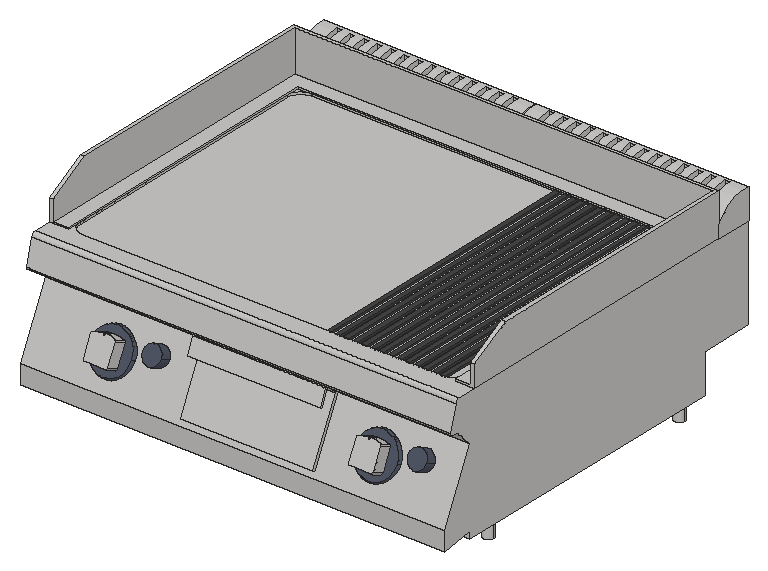
Revit family "QF_ZANUSSI_372041_Z7FTGHCP00", category Specialty Equipment, Revit 2018
Family settings
  Round Connector Dimension = Use Diameter
  Part Type = Normal
  Work Plane-Based = No
  Always vertical = Yes
  Cut with Voids When Loaded = No
  Shared = No
  Room Calculation Point = No
Parameters
  Width = 800 mm  # constant formula
  Weight in Pounds = 198  # constant formula
  Weight = 0.00 kg
  Watts = 0 W
  Volts = 0 V
  URL Manufacturer = "http://www.zanussiprofessional.com"
  URL Cutsheet = "www.electrolux.com/foodservice"
  URL = "http://www.zanussiprofessional.com"
  Type Mark [instance] = ""
  Steam Supply Size = 0"
  Steam Supply Minimum Pressure = 0.00 psi
  Steam Supply Maximum Pressure = 0.00 psi
  Steam Pounds per Hour = 0
  Status [instance] = ""
  Specification by User [instance] = ""
  Specification by Manufacturer = ""
  Show Logo [instance] = yes
  Show Clearance [instance] = yes
  Serial Number = ""
  Seismic Rating = ""
  SMACNA No = ""
  Revision Code [instance] = ""
  Refrigeration Suction Line Size = 0"
  Refrigeration Liquid Line Size = 0"
  Refrigerant Compressor Remote = yes
  Phase = 0
  Omniclass Number and Title = ""
  NAFEM Spec ID Number = ""
  Model = "Z7FTGHCP00"
  Mechanical Remarks = ""
  Mechanical Connection Type = ""
  Masterspec = ""
  Manufacturer = "Zanussi"
  Length Actual = 800 mm  # constant formula
  Item Number [instance] = "372041"
  Installed By [instance] = ""
  Identify Quantity as Lot [instance] = yes
  Hot Water Size = 0"
  Height Actual = 250 mm  # constant formula
  Height = 355 mm  # constant formula
  HP = "0 HP"
  Gas Size = 1/2"  # constant formula
  Gas RI Height [instance] = 0 mm
  Gas KW = 14  # constant formula
  Gas Input [instance] = 47726.0 Btu/h  # constant formula
  Gas Connection Height = 0 mm
  Furnished By [instance] = ""
  Foodservice Equipment Identifier [instance] = yes
  Direct Waste Size = 0"
  Description = "GAS FRYTOP-SMOOTH+RIBBED CHR.PLATE 800MM"
  Depth Actual = 700 mm  # constant formula
  Depth = 715 mm  # constant formula
  Cycle = 0 Hz
  Condensate Return Size = 0"
  Compressed Air Volume = 0 GPM
  Compressed Air Size = 0"
  Compressed Air Pressure = 0.00 psi
  Cold Water Size = 0"
  CSI MasterFormat = ""
  CSI Master Format = ""
  Base Height [instance] = 24 mm  # constant formula
  Assembly Code = ""
  Accessory = yes
Reference planes
  plane 1 "BACK": y = 0
  plane 2: z = 0
  plane 3 "LEFT": x = 0
  plane 4 "RIGHT": x = 800
  plane 5 "FRONT": y = -715
  plane 6 "TOP": z = 288.925
  plane 7 "Center Y": x = 400
  plane 8 "Center X": y = -357.5
  plane 9 "BASE": z = 24
  plane 10 "TOP A": z = 274
  plane 11: y = -597.884
  plane 12: y = -147.637
  plane 13: z = 355
  plane 14: y = -700
  plane 15 "panel": through (-6096, -715, 65.146) normal (0, 0.8956, -0.4448)
Forms (mm)
  Extrusion 1, solid, material "QF_Finishes_Stainless Steel"
    sketch origin (0, 0, 0) x (0, 1, 0) y (0, 0, 1)
      loop
        line (0, 98) -> (0, 274) -> (-679.358, 274)
        arc (-679.358, 274) -> (-684.643, 271.811) -> (-686.833, 266.526) r 7.474
        line (-686.833, 266.526) -> (-699.884, 221.011)
        arc (-699.884, 221.011) -> (-699.396, 218.379) -> (-697, 217.184) r 3
        line (-697, 217.184) -> (-686.802, 217.184) -> (-654.982, 185.364) -> (-715, 64.508) -> (-715, 29.508) -> (-658.645, 37.428)
        arc (-658.645, 37.428) -> (-656.101, 36.674) -> (-655, 34.259) r 3.2
        line (-655, 34.259) -> (-655, 24) -> (-103, 24) -> (-103, 98) -> (0, 98)
    from 0 to 800
  Extrusion 2, void
    sketch origin (0, -2.381, 274) x (-1, 0, 0) y (0, -1, 0)
      loop
        arc (-60.425, 102.504) -> (-42.464, 109.943) -> (-35.025, 127.904) r 25.4
        line (-35.025, 127.904) -> (-35.025, 617.104)
        arc (-35.025, 617.104) -> (-42.464, 635.064) -> (-60.425, 642.504) r 25.4
        line (-60.425, 642.504) -> (-739.575, 642.504)
        arc (-739.575, 642.504) -> (-757.536, 635.064) -> (-764.975, 617.104) r 25.4
        line (-764.975, 617.104) -> (-764.975, 127.904)
        arc (-764.975, 127.904) -> (-757.536, 109.943) -> (-739.575, 102.504) r 25.4
        line (-739.575, 102.504) -> (-60.425, 102.504)
    from 0 to -3.2
  Extrusion 3, solid, material "QF_Finishes_Stainless Steel"
    sketch origin (0, 0, 0) x (1, 0, 0) y (0, 1, 0)
      loop
        circle (11.112, -147.638) r 9.525
      loop
        circle (11.112, -597.884) r 9.525
      loop
        circle (788.887, -147.638) r 9.525
      loop
        circle (788.887, -597.884) r 9.525
    from 0 to 24
  Extrusion 4, solid, material "QF_Finishes_Stainless Steel"
    sketch origin (0, -101.6, 101.6) x (0, 0, -1) y (-1, 0, 0)
      loop
        circle (43.694, -749.2) r 6.35
    from -1.4 to 3.175
  Extrusion 5, solid, material "QF_Finishes_Clearance", visible <- "Show Clearance", detail levels coarse
    sketch origin (0, 0, 0) x (1, 0, 0) y (0, 1, 0)
      loop
        line (0, -715) -> (0, 0) -> (800, 0) -> (800, -715) -> (950.019, -715) -> (950.019, 150.019) -> (-150.019, 150.019) -> (-150.019, -715) -> (0, -715)
    from 0 to 355
  Sweep 6, solid, material "QF_Finishes_Stainless Steel"
    path origin (0, -2.381, 274) x (-1, 0, 0) y (0, -1, 0)
      loop
        line (-764.975, 642.504) -> (-764.975, 102.504) -> (-35.025, 102.504) -> (-35.025, 642.504)
    profile origin (35.025, -374.885, 274) x (1, 0, 0) y (0, 0, 1)
      loop
        line (-35.025, 0) -> (0, 0) -> (0, 3.175) -> (-28.675, 3.175) -> (-28.675, 81) -> (-35.025, 81) -> (-35.025, 0)
  Extrusion 7, void
    sketch origin (0, -69.86, 274) x (0, 1, 0) y (0, 0, 1)
      loop
        line (-575.025, 41.119) -> (-501.995, 81) -> (-575.025, 81) -> (-575.025, 41.119)
    from 0 to 6.35
  Extrusion 8, void
    sketch origin (800, -644.885, 274) x (0, -1, 0) y (0, 0, 1)
      loop
        line (0, 41.119) -> (0, 81) -> (-73.03, 81) -> (0, 41.119)
    from 0 to 6.35
  Extrusion 9, solid, material "QF_Finishes_Stainless Steel"
    sketch origin (0, 0, 0) x (0, 1, 0) y (0, 0, 1)
      loop
        line (0, 274) -> (0, 331.492)
        arc (0, 331.492) -> (-38.8, 324.37) -> (-69.85, 300.038) r 82.447
        line (-69.85, 300.038) -> (-69.85, 274) -> (0, 274)
    from 0 to 400.05
  Extrusion 10, void
    sketch origin (0, 0, 274.638) x (0, -1, 0) y (1, 0, 0)
      loop
        line (6.761, 29.703) -> (63.911, 29.703) -> (63.911, 38.999) -> (6.761, 38.999) -> (6.761, 29.703)
      loop
        line (63.911, 64.487) -> (6.761, 64.487) -> (6.761, 55.191) -> (63.911, 55.191) -> (63.911, 64.487)
      loop
        line (63.911, 89.975) -> (6.761, 89.975) -> (6.761, 80.68) -> (63.911, 80.68) -> (63.911, 89.975)
      loop
        line (63.911, 115.464) -> (6.761, 115.464) -> (6.761, 106.168) -> (63.911, 106.168) -> (63.911, 115.464)
      loop
        line (63.911, 140.952) -> (6.761, 140.952) -> (6.761, 131.656) -> (63.911, 131.656) -> (63.911, 140.952)
      loop
        line (63.911, 166.44) -> (6.761, 166.44) -> (6.761, 157.145) -> (63.911, 157.145) -> (63.911, 166.44)
      loop
        line (63.911, 191.929) -> (6.761, 191.929) -> (6.761, 182.633) -> (63.911, 182.633) -> (63.911, 191.929)
      loop
        line (63.911, 217.417) -> (6.761, 217.417) -> (6.761, 208.121) -> (63.911, 208.121) -> (63.911, 217.417)
      loop
        line (63.911, 242.905) -> (6.761, 242.905) -> (6.761, 233.61) -> (63.911, 233.61) -> (63.911, 242.905)
      loop
        line (63.911, 268.394) -> (6.761, 268.394) -> (6.761, 259.098) -> (63.911, 259.098) -> (63.911, 268.394)
      loop
        line (63.911, 293.882) -> (6.761, 293.882) -> (6.761, 284.586) -> (63.911, 284.586) -> (63.911, 293.882)
      loop
        line (63.911, 319.37) -> (6.761, 319.37) -> (6.761, 310.075) -> (63.911, 310.075) -> (63.911, 319.37)
      loop
        line (63.911, 344.859) -> (6.761, 344.859) -> (6.761, 335.563) -> (63.911, 335.563) -> (63.911, 344.859)
      loop
        line (63.911, 370.347) -> (6.761, 370.347) -> (6.761, 361.051) -> (63.911, 361.051) -> (63.911, 370.347)
    from 25.4 to 63.5
  Extrusion 11, solid, material "QF_Finishes_Stainless Steel"
    sketch origin (400.05, 0, 0) x (0, 1, 0) y (0, 0, 1)
      loop
        line (0, 274) -> (0, 331.492)
        arc (0, 331.492) -> (-38.8, 324.37) -> (-69.85, 300.038) r 82.447
        line (-69.85, 300.038) -> (-69.85, 274) -> (0, 274)
    from 0 to 400.05
  Extrusion 12, void
    sketch origin (400.05, 0, 274.638) x (0, -1, 0) y (1, 0, 0)
      loop
        line (6.761, 29.653) -> (63.911, 29.653) -> (63.911, 38.949) -> (6.761, 38.949) -> (6.761, 29.653)
      loop
        line (63.911, 64.437) -> (6.761, 64.437) -> (6.761, 55.141) -> (63.911, 55.141) -> (63.911, 64.437)
      loop
        line (63.911, 89.925) -> (6.761, 89.925) -> (6.761, 80.63) -> (63.911, 80.63) -> (63.911, 89.925)
      loop
        line (63.911, 115.414) -> (6.761, 115.414) -> (6.761, 106.118) -> (63.911, 106.118) -> (63.911, 115.414)
      loop
        line (63.911, 140.902) -> (6.761, 140.902) -> (6.761, 131.606) -> (63.911, 131.606) -> (63.911, 140.902)
      loop
        line (63.911, 166.39) -> (6.761, 166.39) -> (6.761, 157.095) -> (63.911, 157.095) -> (63.911, 166.39)
      loop
        line (63.911, 191.879) -> (6.761, 191.879) -> (6.761, 182.583) -> (63.911, 182.583) -> (63.911, 191.879)
      loop
        line (63.911, 217.367) -> (6.761, 217.367) -> (6.761, 208.071) -> (63.911, 208.071) -> (63.911, 217.367)
      loop
        line (63.911, 242.855) -> (6.761, 242.855) -> (6.761, 233.56) -> (63.911, 233.56) -> (63.911, 242.855)
      loop
        line (63.911, 268.344) -> (6.761, 268.344) -> (6.761, 259.048) -> (63.911, 259.048) -> (63.911, 268.344)
      loop
        line (63.911, 293.832) -> (6.761, 293.832) -> (6.761, 284.536) -> (63.911, 284.536) -> (63.911, 293.832)
      loop
        line (63.911, 319.32) -> (6.761, 319.32) -> (6.761, 310.025) -> (63.911, 310.025) -> (63.911, 319.32)
      loop
        line (63.911, 344.809) -> (6.761, 344.809) -> (6.761, 335.513) -> (63.911, 335.513) -> (63.911, 344.809)
      loop
        line (63.911, 370.297) -> (6.761, 370.297) -> (6.761, 361.001) -> (63.911, 361.001) -> (63.911, 370.297)
    from 25.4 to 63.5
  Extrusion 13, solid, material "QF_Finishes_Stainless Steel"
    sketch origin (400, 0, 0) x (0, 1, 0) y (0, 0, 1)
      loop
        line (-655.161, 185.641) -> (-674.299, 204.778)
        arc (-674.299, 204.778) -> (-678.766, 206.181) -> (-682.47, 203.316) r 5.058
        line (-682.47, 203.316) -> (-695.132, 175.806) -> (-692.248, 174.479) -> (-679.586, 201.989)
        arc (-679.586, 201.989) -> (-678.207, 203.055) -> (-676.544, 202.533) r 1.883
        line (-676.544, 202.533) -> (-659.038, 185.028) -> (-712.559, 77.256) -> (-709.651, 75.918) -> (-655.161, 185.641)
    from -100 to 150
  Extrusion 14, solid, material "QF_Finishes_Drawer Clearance", visible <- "Show Clearance", detail levels coarse
    sketch origin (400, 0, 0) x (0, 1, 0) y (0, 0, 1)
      loop
        line (-778.814, 75.918) -> (-709.651, 75.918) -> (-655.161, 185.641) -> (-674.299, 204.778)
        arc (-674.299, 204.778) -> (-676.36, 206.027) -> (-678.766, 206.181) r 5.058
        line (-678.766, 206.181) -> (-747.93, 206.181)
        arc (-747.93, 206.181) -> (-750.133, 205.203) -> (-751.634, 203.316) r 5.058
        line (-751.634, 203.316) -> (-764.296, 175.806) -> (-761.412, 174.479) -> (-748.75, 201.989)
        arc (-748.75, 201.989) -> (-747.371, 203.055) -> (-745.708, 202.533) r 1.883
        line (-745.708, 202.533) -> (-728.202, 185.028) -> (-781.723, 77.256) -> (-778.814, 75.918)
    from -100 to 150
  Extrusion 15, solid, material "QF_Plastic-Black-Matte"
    sketch origin (592.6, -684.991, 125.574) x (0, 0.444781, 0.895639) y (0, 0.895639, -0.444781)
      loop
        line (26.984, -34) -> (23.984, -34) -> (23.984, -35) -> (26.984, -35)
        arc (26.984, -35) -> (27.691, -34.707) -> (27.984, -34) r 1
        line (27.984, -34) -> (27.984, -19) -> (26.984, -19) -> (26.984, -34)
    from -58.5 to -56.5
  Extrusion 16, solid, material "QF_Finishes_Stainless Steel"
    sketch origin (650.1, -684.991, 125.574) x (-1, 0, 0) y (0, -0.444781, -0.895639)
      loop
        line (17.6, -17.5) -> (17.6, 17.5) -> (-17.4, 17.5) -> (-17.4, -17.5) -> (17.6, -17.5)
    from 5 to 10
  Blend 17, solid, material "QF_Finishes_Navy Blue"
    base sketch origin (650.1, -684.991, 125.574) x (1, 0, 0) y (0, 0.444781, 0.895639)
      loop
        circle (-0.1, 0) r 42.5
    top sketch origin (650.1, -684.991, 125.574) x (1, 0, 0) y (0, 0.444781, 0.895639)
      loop
        circle (-0.1, 0) r 40.5
    from 0 to 5
  Extrusion 18, solid, material "QF_Finishes_Stainless Steel"
    sketch origin (650.1, -684.991, 125.574) x (-1, 0, 0) y (0, -0.444781, -0.895639)
      loop
        arc (-21.047, -22.789) -> (0.1, -26.984) -> (21.247, -22.789) r 55.4
        arc (21.247, -22.789) -> (22.594, -21.685) -> (23.1, -20.019) r 2.997
        line (23.1, -20.019) -> (23.1, 20.019)
        arc (23.1, 20.019) -> (22.222, 22.138) -> (20.103, 23.016) r 2.997
        line (20.103, 23.016) -> (-19.903, 23.016)
        arc (-19.903, 23.016) -> (-22.022, 22.138) -> (-22.9, 20.019) r 2.997
        line (-22.9, 20.019) -> (-22.9, -20.019)
        arc (-22.9, -20.019) -> (-22.394, -21.685) -> (-21.047, -22.789) r 2.997
    from 10 to 34
  Extrusion 19, solid, material "QF_Finishes_Navy Blue"
    sketch origin (789.101, -676.095, 143.486) x (1, 0, 0) y (0, 0.444781, 0.895639)
      loop
        circle (-55.101, 0) r 18
    from 3 to 23
  Extrusion 20, solid, material "QF_Finishes_Stainless Steel"
    sketch origin (650.1, -676.095, 143.486) x (1, 0, 0) y (0, 0.444781, 0.895639)
      loop
        circle (83.9, 0) r 15
    from 3 to 0
  Extrusion 21, solid, material "QF_Plastic-Black-Matte"
    sketch origin (92.5, -684.991, 125.574) x (0, 0.444781, 0.895639) y (0, 0.895639, -0.444781)
      loop
        line (26.984, -34) -> (23.984, -34) -> (23.984, -35) -> (26.984, -35)
        arc (26.984, -35) -> (27.691, -34.707) -> (27.984, -34) r 1
        line (27.984, -34) -> (27.984, -19) -> (26.984, -19) -> (26.984, -34)
    from -58.5 to -56.5
  Extrusion 22, solid, material "QF_Finishes_Stainless Steel"
    sketch origin (150, -684.991, 125.574) x (-1, 0, 0) y (0, -0.444781, -0.895639)
      loop
        line (17.5, -17.5) -> (17.5, 17.5) -> (-17.5, 17.5) -> (-17.5, -17.5) -> (17.5, -17.5)
    from 5 to 10
  Blend 23, solid, material "QF_Finishes_Navy Blue"
    base sketch origin (150, -684.991, 125.574) x (1, 0, 0) y (0, 0.444781, 0.895639)
      loop
        circle (0, 0) r 42.5
    top sketch origin (150, -684.991, 125.574) x (1, 0, 0) y (0, 0.444781, 0.895639)
      loop
        circle (0, 0) r 40.5
    from 0 to 5
  Extrusion 24, solid, material "QF_Finishes_Stainless Steel"
    sketch origin (150, -684.991, 125.574) x (-1, 0, 0) y (0, -0.444781, -0.895639)
      loop
        arc (-21.147, -22.789) -> (0, -26.984) -> (21.147, -22.789) r 55.4
        arc (21.147, -22.789) -> (22.494, -21.685) -> (23, -20.019) r 2.997
        line (23, -20.019) -> (23, 20.019)
        arc (23, 20.019) -> (22.122, 22.138) -> (20.003, 23.016) r 2.997
        line (20.003, 23.016) -> (-20.003, 23.016)
        arc (-20.003, 23.016) -> (-22.122, 22.138) -> (-23, 20.019) r 2.997
        line (-23, 20.019) -> (-23, -20.019)
        arc (-23, -20.019) -> (-22.494, -21.685) -> (-21.147, -22.789) r 2.997
    from 10 to 34
  Extrusion 25, solid, material "QF_Finishes_Navy Blue"
    sketch origin (289.001, -676.095, 143.486) x (1, 0, 0) y (0, 0.444781, 0.895639)
      loop
        circle (-55.051, 0) r 18
    from 3 to 23
  Extrusion 26, solid, material "QF_Finishes_Stainless Steel"
    sketch origin (150, -676.095, 143.486) x (1, 0, 0) y (0, 0.444781, 0.895639)
      loop
        circle (83.95, 0) r 15
    from 3 to 0
  Extrusion 27, solid, material "QF_Finishes_Black"
    sketch origin (-552.176, -715, 0) x (1, 0, 0) y (0, 0, 1)
      loop
        line (1082.583, 274) -> (1073.583, 274) -> (1073.583, 270.8) -> (1082.583, 270.8) -> (1082.583, 274)
    from -610.115 to -70.115
  Extrusion 28, solid, material "QF_Finishes_Black"
    sketch origin (-552.176, -715, 0) x (1, 0, 0) y (0, 0, 1)
      loop
        line (1099.083, 274) -> (1090.083, 274) -> (1090.083, 270.8) -> (1099.083, 270.8) -> (1099.083, 274)
    from -610.115 to -70.115
  Extrusion 29, solid, material "QF_Finishes_Black"
    sketch origin (-552.176, -715, 0) x (1, 0, 0) y (0, 0, 1)
      loop
        line (1115.583, 274) -> (1106.583, 274) -> (1106.583, 270.8) -> (1115.583, 270.8) -> (1115.583, 274)
    from -610.115 to -70.115
  Extrusion 30, solid, material "QF_Finishes_Black"
    sketch origin (-552.176, -715, 0) x (1, 0, 0) y (0, 0, 1)
      loop
        line (1132.083, 274) -> (1123.083, 274) -> (1123.083, 270.8) -> (1132.083, 270.8) -> (1132.083, 274)
    from -610.115 to -70.115
  Extrusion 31, solid, material "QF_Finishes_Black"
    sketch origin (-552.176, -715, 0) x (1, 0, 0) y (0, 0, 1)
      loop
        line (1148.583, 274) -> (1139.583, 274) -> (1139.583, 270.8) -> (1148.583, 270.8) -> (1148.583, 274)
    from -610.115 to -70.115
  Extrusion 32, solid, material "QF_Finishes_Black"
    sketch origin (-552.176, -715, 0) x (1, 0, 0) y (0, 0, 1)
      loop
        line (1165.083, 274) -> (1156.083, 274) -> (1156.083, 270.8) -> (1165.083, 270.8) -> (1165.083, 274)
    from -610.115 to -70.115
  Extrusion 33, solid, material "QF_Finishes_Black"
    sketch origin (-552.176, -715, 0) x (1, 0, 0) y (0, 0, 1)
      loop
        line (1181.583, 274) -> (1172.583, 274) -> (1172.583, 270.8) -> (1181.583, 270.8) -> (1181.583, 274)
    from -610.115 to -70.115
  Extrusion 34, solid, material "QF_Finishes_Black"
    sketch origin (-552.176, -715, 0) x (1, 0, 0) y (0, 0, 1)
      loop
        line (1198.083, 274) -> (1189.083, 274) -> (1189.083, 270.8) -> (1198.083, 270.8) -> (1198.083, 274)
    from -610.115 to -70.115
  Extrusion 35, solid, material "QF_Finishes_Black"
    sketch origin (-552.176, -715, 0) x (1, 0, 0) y (0, 0, 1)
      loop
        line (1214.583, 274) -> (1205.583, 274) -> (1205.583, 270.8) -> (1214.583, 270.8) -> (1214.583, 274)
    from -610.115 to -70.115
  Extrusion 36, solid, material "QF_Finishes_Black"
    sketch origin (-552.176, -715, 0) x (1, 0, 0) y (0, 0, 1)
      loop
        line (1231.083, 274) -> (1222.083, 274) -> (1222.083, 270.8) -> (1231.083, 270.8) -> (1231.083, 274)
    from -610.115 to -70.115
  Extrusion 37, solid, material "QF_Finishes_Black"
    sketch origin (-552.176, -715, 0) x (1, 0, 0) y (0, 0, 1)
      loop
        line (1247.583, 274) -> (1238.583, 274) -> (1238.583, 270.8) -> (1247.583, 270.8) -> (1247.583, 274)
    from -610.115 to -70.115
  Extrusion 38, solid, material "QF_Finishes_Black"
    sketch origin (-552.176, -715, 0) x (1, 0, 0) y (0, 0, 1)
      loop
        line (1264.083, 274) -> (1255.083, 274) -> (1255.083, 270.8) -> (1264.083, 270.8) -> (1264.083, 274)
    from -610.115 to -70.115
  Extrusion 39, solid, material "QF_Finishes_Black"
    sketch origin (-552.176, -715, 0) x (1, 0, 0) y (0, 0, 1)
      loop
        line (1280.583, 274) -> (1271.583, 274) -> (1271.583, 270.8) -> (1280.583, 270.8) -> (1280.583, 274)
    from -610.115 to -70.115
  Extrusion 40, solid, material "QF_Finishes_Black"
    sketch origin (-552.176, -715, 0) x (1, 0, 0) y (0, 0, 1)
      loop
        line (1297.083, 274) -> (1288.083, 274) -> (1288.083, 270.8) -> (1297.083, 270.8) -> (1297.083, 274)
    from -610.115 to -70.115
Cuts and joins
  Extrusion 2 cuts Extrusion 1
  Extrusion 7, Extrusion 8 cuts Sweep 6
  Extrusion 10 cuts Extrusion 9
  Extrusion 12 cuts Extrusion 11
Lines and regions (mm)
  Split face 1
    outline origin (656.001, -689.469, 127.797) x (1, 0, 0) y (0, 0.444781, 0.895639)
      loop
        line (-8.901, 38.561) -> (-8.901, 28.561) -> (-2.901, 28.561) -> (-2.901, 38.561) -> (-8.901, 38.561)
  Split face 2
    outline origin (656.001, -689.469, 127.797) x (1, 0, 0) y (0, 0.444781, 0.895639)
      loop
        line (-8.401, 38.061) -> (-8.401, 29.061) -> (-3.401, 29.061) -> (-3.401, 38.061) -> (-8.401, 38.061)
  Split face 3
    outline origin (656.001, -689.469, 127.797) x (1, 0, 0) y (0, 0.444781, 0.895639)
      loop
        line (-8.401, 33.561) -> (-3.401, 33.561)
  Split face 4
    outline origin (656.001, -689.469, 127.797) x (1, 0, 0) y (0, 0.444781, 0.895639)
      loop
        line (-8.401, 33.061) -> (-3.401, 33.061)
  Split face 5
    outline origin (656.001, -689.469, 127.797) x (1, 0, 0) y (0, 0.444781, 0.895639)
      loop
        circle (-5.901, 35.811) r 2.031
  Split face 6
    outline origin (650.1, -689.469, 127.797) x (1, 0, 0) y (0, 0.444781, 0.895639)
      loop
        circle (-24.487, 26.694) r 3.497
  Split face 7
    outline origin (650.1, -689.469, 127.797) x (1, 0, 0) y (0, 0.444781, 0.895639)
      loop
        circle (-33, 0) r 3
  Split face 8
    outline origin (650.1, -689.469, 127.797) x (1, 0, 0) y (0, 0.444781, 0.895639)
      loop
        circle (-17.8, -29.371) r 1.5
  Split face 9
    outline origin (155.901, -689.469, 127.797) x (1, 0, 0) y (0, 0.444781, 0.895639)
      loop
        line (-8.901, 38.561) -> (-8.901, 28.561) -> (-2.901, 28.561) -> (-2.901, 38.561) -> (-8.901, 38.561)
  Split face 10
    outline origin (155.901, -689.469, 127.797) x (1, 0, 0) y (0, 0.444781, 0.895639)
      loop
        line (-8.401, 38.061) -> (-8.401, 29.061) -> (-3.401, 29.061) -> (-3.401, 38.061) -> (-8.401, 38.061)
  Split face 11
    outline origin (155.901, -689.469, 127.797) x (1, 0, 0) y (0, 0.444781, 0.895639)
      loop
        line (-8.401, 33.561) -> (-3.401, 33.561)
  Split face 12
    outline origin (155.901, -689.469, 127.797) x (1, 0, 0) y (0, 0.444781, 0.895639)
      loop
        line (-8.401, 33.061) -> (-3.401, 33.061)
  Split face 13
    outline origin (155.901, -689.469, 127.797) x (1, 0, 0) y (0, 0.444781, 0.895639)
      loop
        circle (-5.901, 35.811) r 2.031
  Split face 14
    outline origin (150, -689.469, 127.797) x (1, 0, 0) y (0, 0.444781, 0.895639)
      loop
        circle (-24.487, 26.694) r 3.497
  Split face 15
    outline origin (150, -689.469, 127.797) x (1, 0, 0) y (0, 0.444781, 0.895639)
      loop
        circle (-33, 0) r 3
  Split face 16
    outline origin (150, -689.469, 127.797) x (1, 0, 0) y (0, 0.444781, 0.895639)
      loop
        circle (-17.8, -29.371) r 1.5
  symbolic lines, style "QF-Clearances", visible <- "Show Clearance", detail levels coarse
    curve 1: line (-150.019, 150.019, 274) -> (-150.019, -715, 274)
    curve 2: line (950.019, 150.019, 274) -> (-150.019, 150.019, 274)
    curve 3: line (950.019, -716.377, 274) -> (950.019, 150.019, 274)
  symbolic lines
    curve 4: line (0, 0, 274) -> (800, 0, 274)
    curve 5: line (0, -715, 274) -> (0, 0, 274)
    curve 6: line (800, 0, 274) -> (800, -715, 274)
    curve 7: line (35.025, -104.885, 274) -> (35.025, -644.885, 274)
    curve 8: arc (35.025, -619.485, 274) -> (42.464, -637.445, 274) -> (60.425, -644.885, 274) r 25.4
    curve 9: line (0, -644.885, 274) -> (35.025, -644.885, 274)
    curve 10: arc (739.215, -644.885, 274) -> (757.736, -637.213, 274) -> (765.407, -618.692, 274) r 26.193
    curve 11: line (765.407, -644.885, 274) -> (765.407, -104.885, 274)
    curve 12: line (765.407, -104.885, 274) -> (35.025, -104.885, 274)
    curve 13: line (0, -69.85, 274) -> (800, -69.85, 274)
    curve 14: arc (64.125, -104.885, 274) -> (43.548, -113.408, 274) -> (35.025, -133.985, 274) r 29.1
    curve 15: arc (739.863, -104.885, 274) -> (757.926, -112.367, 274) -> (765.407, -130.429, 274) r 25.544
    curve 16: line (6.35, -76.21, 274) -> (6.35, -644.885, 274)
    curve 17: line (6.35, -76.21, 274) -> (793.65, -76.21, 274)
    curve 18: line (793.65, -76.21, 274) -> (793.65, -644.885, 274)
    curve 19: line (765.407, -644.885, 274) -> (800, -644.885, 274)
    curve 20: line (60.425, -644.885, 274) -> (739.215, -644.885, 274)
    curve 24: line (0, 0, 274.638) -> (800, 0, 274.638)
    curve 25: line (0, -69.85, 274.638) -> (800, -69.85, 274.638)
    curve 26: line (29.703, -6.761, 0) -> (38.999, -6.761, 0)
    curve 27: line (29.703, -63.911, 0) -> (29.703, -6.761, 0)
    curve 28: line (38.999, -63.911, 0) -> (29.703, -63.911, 0)
    curve 29: line (38.999, -6.761, 0) -> (38.999, -63.911, 0)
    curve 30: line (55.191, -6.761, 0) -> (64.487, -6.761, 0)
    curve 31: line (55.191, -63.911, 0) -> (55.191, -6.761, 0)
    curve 32: line (64.487, -63.911, 0) -> (55.191, -63.911, 0)
    curve 33: line (64.487, -6.761, 0) -> (64.487, -63.911, 0)
    curve 34: line (80.68, -6.761, 0) -> (89.975, -6.761, 0)
    curve 35: line (80.68, -63.911, 0) -> (80.68, -6.761, 0)
    curve 36: line (89.975, -63.911, 0) -> (80.68, -63.911, 0)
    curve 37: line (89.975, -6.761, 0) -> (89.975, -63.911, 0)
    curve 38: line (106.168, -6.761, 0) -> (115.464, -6.761, 0)
    curve 39: line (106.168, -63.911, 0) -> (106.168, -6.761, 0)
    curve 40: line (115.464, -63.911, 0) -> (106.168, -63.911, 0)
    curve 41: line (115.464, -6.761, 0) -> (115.464, -63.911, 0)
    curve 42: line (131.656, -6.761, 0) -> (140.952, -6.761, 0)
    curve 43: line (131.656, -63.911, 0) -> (131.656, -6.761, 0)
    curve 44: line (140.952, -63.911, 0) -> (131.656, -63.911, 0)
    curve 45: line (140.952, -6.761, 0) -> (140.952, -63.911, 0)
    curve 46: line (157.145, -6.761, 0) -> (166.44, -6.761, 0)
    curve 47: line (157.145, -63.911, 0) -> (157.145, -6.761, 0)
    curve 48: line (166.44, -63.911, 0) -> (157.145, -63.911, 0)
    curve 49: line (166.44, -6.761, 0) -> (166.44, -63.911, 0)
    curve 50: line (182.633, -6.761, 0) -> (191.929, -6.761, 0)
    curve 51: line (182.633, -63.911, 0) -> (182.633, -6.761, 0)
    curve 52: line (191.929, -63.911, 0) -> (182.633, -63.911, 0)
    curve 53: line (191.929, -6.761, 0) -> (191.929, -63.911, 0)
    curve 54: line (208.121, -6.761, 0) -> (217.417, -6.761, 0)
    curve 55: line (208.121, -63.911, 0) -> (208.121, -6.761, 0)
    curve 56: line (217.417, -63.911, 0) -> (208.121, -63.911, 0)
    curve 57: line (217.417, -6.761, 0) -> (217.417, -63.911, 0)
    curve 58: line (233.61, -6.761, 0) -> (242.905, -6.761, 0)
    curve 59: line (233.61, -63.911, 0) -> (233.61, -6.761, 0)
    curve 60: line (242.905, -63.911, 0) -> (233.61, -63.911, 0)
    curve 61: line (242.905, -6.761, 0) -> (242.905, -63.911, 0)
    curve 62: line (259.098, -6.761, 0) -> (268.394, -6.761, 0)
    curve 63: line (259.098, -63.911, 0) -> (259.098, -6.761, 0)
    curve 64: line (268.394, -63.911, 0) -> (259.098, -63.911, 0)
    curve 65: line (268.394, -6.761, 0) -> (268.394, -63.911, 0)
    curve 66: line (284.586, -6.761, 0) -> (293.882, -6.761, 0)
    curve 67: line (284.586, -63.911, 0) -> (284.586, -6.761, 0)
    curve 68: line (293.882, -63.911, 0) -> (284.586, -63.911, 0)
    curve 69: line (293.882, -6.761, 0) -> (293.882, -63.911, 0)
    curve 70: line (310.075, -6.761, 0) -> (319.37, -6.761, 0)
    curve 71: line (310.075, -63.911, 0) -> (310.075, -6.761, 0)
    curve 72: line (319.37, -63.911, 0) -> (310.075, -63.911, 0)
    curve 73: line (319.37, -6.761, 0) -> (319.37, -63.911, 0)
    curve 74: line (335.563, -6.761, 0) -> (344.859, -6.761, 0)
    curve 75: line (335.563, -63.911, 0) -> (335.563, -6.761, 0)
    curve 76: line (344.859, -63.911, 0) -> (335.563, -63.911, 0)
    curve 77: line (344.859, -6.761, 0) -> (344.859, -63.911, 0)
    curve 78: line (361.051, -6.761, 0) -> (370.347, -6.761, 0)
    curve 79: line (361.051, -63.911, 0) -> (361.051, -6.761, 0)
    curve 80: line (370.347, -63.911, 0) -> (361.051, -63.911, 0)
    curve 81: line (370.347, -6.761, 0) -> (370.347, -63.911, 0)
    curve 82: line (400, 0, 0) -> (400, -69.85, 0)
    curve 83: line (770.347, -6.761, 0) -> (761.051, -6.761, 0)
    curve 84: line (770.347, -63.911, 0) -> (770.347, -6.761, 0)
    curve 85: line (761.051, -63.911, 0) -> (770.347, -63.911, 0)
    curve 86: line (761.051, -6.761, 0) -> (761.051, -63.911, 0)
    curve 87: line (744.859, -6.761, 0) -> (735.563, -6.761, 0)
    curve 88: line (744.859, -63.911, 0) -> (744.859, -6.761, 0)
    curve 89: line (735.563, -63.911, 0) -> (744.859, -63.911, 0)
    curve 90: line (735.563, -6.761, 0) -> (735.563, -63.911, 0)
    curve 91: line (719.37, -6.761, 0) -> (710.075, -6.761, 0)
    curve 92: line (719.37, -63.911, 0) -> (719.37, -6.761, 0)
    curve 93: line (710.075, -63.911, 0) -> (719.37, -63.911, 0)
    curve 94: line (710.075, -6.761, 0) -> (710.075, -63.911, 0)
    curve 95: line (693.882, -6.761, 0) -> (684.586, -6.761, 0)
    curve 96: line (693.882, -63.911, 0) -> (693.882, -6.761, 0)
    curve 97: line (684.586, -63.911, 0) -> (693.882, -63.911, 0)
    curve 98: line (684.586, -6.761, 0) -> (684.586, -63.911, 0)
    curve 99: line (668.394, -6.761, 0) -> (659.098, -6.761, 0)
    curve 100: line (668.394, -63.911, 0) -> (668.394, -6.761, 0)
    curve 101: line (659.098, -63.911, 0) -> (668.394, -63.911, 0)
    curve 102: line (659.098, -6.761, 0) -> (659.098, -63.911, 0)
    curve 103: line (642.905, -6.761, 0) -> (633.61, -6.761, 0)
    curve 104: line (642.905, -63.911, 0) -> (642.905, -6.761, 0)
    curve 105: line (633.61, -63.911, 0) -> (642.905, -63.911, 0)
    curve 106: line (633.61, -6.761, 0) -> (633.61, -63.911, 0)
    curve 107: line (617.417, -6.761, 0) -> (608.121, -6.761, 0)
    curve 108: line (617.417, -63.911, 0) -> (617.417, -6.761, 0)
    curve 109: line (608.121, -63.911, 0) -> (617.417, -63.911, 0)
    curve 110: line (608.121, -6.761, 0) -> (608.121, -63.911, 0)
    curve 111: line (591.929, -6.761, 0) -> (582.633, -6.761, 0)
    curve 112: line (591.929, -63.911, 0) -> (591.929, -6.761, 0)
    curve 113: line (582.633, -63.911, 0) -> (591.929, -63.911, 0)
    curve 114: line (582.633, -6.761, 0) -> (582.633, -63.911, 0)
    curve 115: line (566.44, -6.761, 0) -> (557.145, -6.761, 0)
    curve 116: line (566.44, -63.911, 0) -> (566.44, -6.761, 0)
    curve 117: line (557.145, -63.911, 0) -> (566.44, -63.911, 0)
    curve 118: line (557.145, -6.761, 0) -> (557.145, -63.911, 0)
    curve 119: line (540.952, -6.761, 0) -> (531.656, -6.761, 0)
    curve 120: line (540.952, -63.911, 0) -> (540.952, -6.761, 0)
    curve 121: line (531.656, -63.911, 0) -> (540.952, -63.911, 0)
    curve 122: line (531.656, -6.761, 0) -> (531.656, -63.911, 0)
    curve 123: line (515.464, -6.761, 0) -> (506.168, -6.761, 0)
    curve 124: line (515.464, -63.911, 0) -> (515.464, -6.761, 0)
    curve 125: line (506.168, -63.911, 0) -> (515.464, -63.911, 0)
    curve 126: line (506.168, -6.761, 0) -> (506.168, -63.911, 0)
    curve 127: line (489.975, -6.761, 0) -> (480.68, -6.761, 0)
    curve 128: line (489.975, -63.911, 0) -> (489.975, -6.761, 0)
    curve 129: line (480.68, -63.911, 0) -> (489.975, -63.911, 0)
    curve 130: line (480.68, -6.761, 0) -> (480.68, -63.911, 0)
    curve 131: line (464.487, -6.761, 0) -> (455.191, -6.761, 0)
    curve 132: line (464.487, -63.911, 0) -> (464.487, -6.761, 0)
    curve 133: line (455.191, -63.911, 0) -> (464.487, -63.911, 0)
    curve 134: line (455.191, -6.761, 0) -> (455.191, -63.911, 0)
    curve 135: line (438.999, -6.761, 0) -> (429.703, -6.761, 0)
    curve 136: line (438.999, -63.911, 0) -> (438.999, -6.761, 0)
    curve 137: line (429.703, -63.911, 0) -> (438.999, -63.911, 0)
    curve 138: line (429.703, -6.761, 0) -> (429.703, -63.911, 0)
    curve 139: line (0, -700, 0) -> (800, -700, 0)
    curve 140: line (673.05, -700, 0) -> (673.05, -724.347, 0)
    curve 141: arc (673.05, -724.347, 0) -> (672.904, -724.811, 0) -> (672.518, -725.107, 0) r 0.809
    curve 142: arc (672.518, -725.107, 0) -> (671.33, -725.587, 0) -> (670.053, -725.68, 0) r 4.127
    curve 143: arc (673.05, -704.292, 0) -> (678.091, -702.458, 0) -> (682.859, -700, 0) r 42.24
    curve 144: arc (673.05, -706.539, 0) -> (672.548, -705.818, 0) -> (671.751, -705.448, 0) r 1.682
    curve 145: arc (671.751, -705.448, 0) -> (661.448, -703.95, 0) -> (651.05, -703.441, 0) r 109.079
    curve 146: line (651.05, -700, 0) -> (651.05, -705.671, 0)
    curve 147: line (651.05, -705.671, 0) -> (649.05, -705.671, 0)
    curve 148: line (649.05, -705.671, 0) -> (649.05, -700, 0)
    curve 149: line (627.05, -700, 0) -> (627.05, -724.347, 0)
    curve 150: arc (627.05, -724.347, 0) -> (627.196, -724.811, 0) -> (627.582, -725.107, 0) r 0.809
    curve 151: arc (627.582, -725.107, 0) -> (628.77, -725.587, 0) -> (630.047, -725.68, 0) r 4.127
    curve 152: arc (627.05, -704.292, 0) -> (622.009, -702.458, 0) -> (617.241, -700, 0) r 42.24
    curve 153: arc (627.05, -706.539, 0) -> (627.552, -705.818, 0) -> (628.349, -705.448, 0) r 1.682
    curve 154: arc (628.349, -705.448, 0) -> (638.652, -703.95, 0) -> (649.05, -703.441, 0) r 109.079
    curve 155: line (670.053, -725.68, 0) -> (630.047, -725.68, 0)
    curve 156: line (173, -715, 0) -> (627.05, -715, 0)
    curve 157: line (673.05, -715, 0) -> (800, -715, 0)
    curve 158: spline (717.655, -700, 0) -> (719.363, -701.323, 0) -> (721.604, -702.479, 0) -> (724.297, -703.424, 0) -> (727.344, -704.125, 0) -> (730.635, -704.556, 0) -> (734.05, -704.701, 0) -> (737.465, -704.556, 0) -> (740.756, -704.125, 0) -> (743.803, -703.424, 0) -> (746.496, -702.479, 0) -> (748.737, -701.323, 0) -> (750.445, -700, 0)
    curve 159: line (300, -715, 0) -> (300, -700, 0)
    curve 160: line (550, -715, 0) -> (550, -700, 0)
    curve 161: line (173, -700, 0) -> (173, -724.347, 0)
    curve 162: arc (173, -724.347, 0) -> (172.854, -724.811, 0) -> (172.468, -725.107, 0) r 0.809
    curve 163: arc (172.468, -725.107, 0) -> (171.28, -725.587, 0) -> (170.003, -725.68, 0) r 4.127
    curve 164: arc (173, -704.292, 0) -> (178.041, -702.458, 0) -> (182.809, -700, 0) r 42.24
    curve 165: arc (173, -706.539, 0) -> (172.498, -705.818, 0) -> (171.701, -705.448, 0) r 1.682
    curve 166: arc (171.701, -705.448, 0) -> (161.398, -703.95, 0) -> (151, -703.441, 0) r 109.079
    curve 167: line (151, -700, 0) -> (151, -705.671, 0)
    curve 168: line (151, -705.671, 0) -> (149, -705.671, 0)
    curve 169: line (149, -705.671, 0) -> (149, -700, 0)
    curve 170: line (127, -700, 0) -> (127, -724.347, 0)
    curve 171: arc (127, -724.347, 0) -> (127.146, -724.811, 0) -> (127.532, -725.107, 0) r 0.809
    curve 172: arc (127.532, -725.107, 0) -> (128.72, -725.587, 0) -> (129.997, -725.68, 0) r 4.127
    curve 173: arc (127, -704.292, 0) -> (121.959, -702.458, 0) -> (117.191, -700, 0) r 42.24
    curve 174: arc (127, -706.539, 0) -> (127.502, -705.818, 0) -> (128.299, -705.448, 0) r 1.682
    curve 175: arc (128.299, -705.448, 0) -> (138.602, -703.95, 0) -> (149, -703.441, 0) r 109.079
    curve 176: line (170.003, -725.68, 0) -> (129.997, -725.68, 0)
    curve 177: spline (217.605, -700, 0) -> (219.313, -701.323, 0) -> (221.554, -702.479, 0) -> (224.247, -703.424, 0) -> (227.294, -704.125, 0) -> (230.585, -704.556, 0) -> (234, -704.701, 0) -> (237.415, -704.556, 0) -> (240.706, -704.125, 0) -> (243.753, -703.424, 0) -> (246.446, -702.479, 0) -> (248.687, -701.323, 0) -> (250.395, -700, 0)
    curve 178: line (127, -715, 0) -> (0, -715, 0)
    curve 179: line (521.407, -104.885, 0) -> (521.407, -644.885, 0)
    curve 180: line (530.407, -644.885, 0) -> (530.407, -104.885, 0)
    curve 181: line (537.907, -104.885, 0) -> (537.907, -644.885, 0)
    curve 182: line (546.907, -644.885, 0) -> (546.907, -104.885, 0)
    curve 183: line (554.407, -104.885, 0) -> (554.407, -644.885, 0)
    curve 184: line (563.407, -644.885, 0) -> (563.407, -104.885, 0)
    curve 185: line (570.907, -104.885, 0) -> (570.907, -644.885, 0)
    curve 186: line (579.907, -644.885, 0) -> (579.907, -104.885, 0)
    curve 187: line (587.407, -104.885, 0) -> (587.407, -644.885, 0)
    curve 188: line (596.407, -644.885, 0) -> (596.407, -104.885, 0)
    curve 189: line (603.907, -104.885, 0) -> (603.907, -644.885, 0)
    curve 190: line (612.907, -644.885, 0) -> (612.907, -104.885, 0)
    curve 191: line (620.407, -104.885, 0) -> (620.407, -644.885, 0)
    curve 192: line (629.407, -644.885, 0) -> (629.407, -104.885, 0)
    curve 193: line (636.907, -104.885, 0) -> (636.907, -644.885, 0)
    curve 194: line (645.907, -644.885, 0) -> (645.907, -104.885, 0)
    curve 195: line (653.407, -104.885, 0) -> (653.407, -644.885, 0)
    curve 196: line (662.407, -644.885, 0) -> (662.407, -104.885, 0)
    curve 197: line (669.907, -104.885, 0) -> (669.907, -644.885, 0)
    curve 198: line (678.907, -644.885, 0) -> (678.907, -104.885, 0)
    curve 199: line (686.407, -104.885, 0) -> (686.407, -644.885, 0)
    curve 200: line (695.407, -644.885, 0) -> (695.407, -104.885, 0)
    curve 201: line (702.907, -104.885, 0) -> (702.907, -644.885, 0)
    curve 202: line (711.907, -644.885, 0) -> (711.907, -104.885, 0)
    curve 203: line (719.407, -104.885, 0) -> (719.407, -644.885, 0)
    curve 204: line (728.407, -644.885, 0) -> (728.407, -104.885, 0)
    curve 205: line (735.907, -104.885, 0) -> (735.907, -644.885, 0)
    curve 206: line (744.907, -644.885, 0) -> (744.907, -104.885, 0)
    curve 207: line (752.407, -108.117, 0) -> (752.407, -641.652, 0)
    curve 208: line (761.407, -633.167, 0) -> (761.407, -116.603, 0)
  symbolic lines, style "QF_Drawer Clearance"
    curve 21: line (300, -767.387, 0) -> (300, -715, 0)
    curve 22: line (300, -767.387, 0) -> (550, -767.387, 0)
    curve 23: line (550, -767.387, 0) -> (550, -715, 0)
Dimensions and locks
  equal spacing: plane 3 "LEFT", plane 7 "Center Y", plane 4 "RIGHT"
  "Width": plane 3 "LEFT" to plane 4 "RIGHT"
  equal spacing: plane 5 "FRONT", plane 8 "Center X", plane 1 "BACK"
  "Depth": plane 5 "FRONT" to plane 1 "BACK"
  plane 1 "BACK" to plane 5 "FRONT" = 715 mm
  "Base Height": plane 9 "BASE" to level
  plane 4 "RIGHT" to Extrusion 4 sketch curve = 50.8 mm
  Sweep 6 sketch curve to level = 355 mm
  plane 10 "TOP A" to plane 9 "BASE" = 250 mm  (x2)
  plane 9 "BASE" to level = 24 mm
  "Height": plane 13 to level
  plane 1 "BACK" to plane 14 = 700 mm
  aligned and locked: level to plane 2
  aligned and locked: plane 4 "RIGHT" to Extrusion 1
  aligned and locked: plane 9 "BASE" to Extrusion 3
  aligned: plane 6 "TOP" to Extrusion 5
Automatic sketch dimensions
  Extrusion 9 sketch curve to plane 10 "TOP A" = 0 mm
  Extrusion 9 sketch curve to plane 1 "BACK" = 0 mm
  plane 1 "BACK" to Extrusion 9 sketch curve = 4.947 mm
  plane 6 "TOP" to Extrusion 9 sketch curve = 11.113 mm
  plane 1 "BACK" to Extrusion 9 sketch curve = 69.85 mm
  Extrusion 9 sketch curve to plane 10 "TOP A" = 24.807 mm
  Extrusion 11 sketch curve to plane 10 "TOP A" = 0 mm
  Extrusion 11 sketch curve to plane 1 "BACK" = 0 mm
  plane 1 "BACK" to Extrusion 11 sketch curve = 4.947 mm
  plane 6 "TOP" to Extrusion 11 sketch curve = 11.113 mm
  plane 1 "BACK" to Extrusion 11 sketch curve = 69.85 mm
  Extrusion 11 sketch curve to plane 10 "TOP A" = 24.807 mm
  plane 1 "BACK" to Extrusion 12 sketch curve = 6.761 mm  (x14)
  Extrusion 12 sketch curve to Extrusion 12 sketch curve = 57.15 mm
  Extrusion 12 sketch curve to Extrusion 12 sketch curve = 0 mm  (x13)
  plane 7 "Center Y" to Extrusion 12 sketch curve = 29.703 mm
  Extrusion 12 sketch curve to Extrusion 12 sketch curve = 9.296 mm  (x14)
  Extrusion 12 sketch curve to Extrusion 12 sketch curve = 16.193 mm  (x13)
  Extrusion 15 sketch curve to plane 15 "panel" = 35 mm
  plane 14 to Extrusion 15 sketch curve = 5.671 mm
  Extrusion 15 sketch curve to Extrusion 15 sketch curve = 3 mm
  Extrusion 15 sketch curve to Extrusion 15 sketch curve = 0 mm
  Extrusion 15 sketch curve to Extrusion 15 sketch curve = 1 mm  (x2)
  Extrusion 15 sketch curve to Extrusion 15 sketch curve = 15 mm
  Extrusion 21 sketch curve to plane 15 "panel" = 35 mm
  plane 14 to Extrusion 21 sketch curve = 5.671 mm
  Extrusion 21 sketch curve to Extrusion 21 sketch curve = 3 mm
  Extrusion 21 sketch curve to Extrusion 21 sketch curve = 0 mm
  Extrusion 21 sketch curve to Extrusion 21 sketch curve = 1 mm  (x2)
  Extrusion 21 sketch curve to Extrusion 21 sketch curve = 15 mm
  Extrusion 25 sketch curve to plane 7 "Center Y" = 166.05 mm
  Extrusion 26 sketch curve to plane 7 "Center Y" = 166.05 mm
  Extrusion 14 sketch curve to Extrusion 14 sketch curve = 0 mm  (x2)
  plane 15 "panel" to Extrusion 14 sketch curve = 0 mm  (x2)
  plane 5 "FRONT" to Extrusion 14 sketch curve = 66.723 mm
  Extrusion 14 sketch curve to Extrusion 14 sketch curve = 2.908 mm
  plane 5 "FRONT" to Extrusion 14 sketch curve = 49.296 mm
  Extrusion 14 sketch curve to Extrusion 14 sketch curve = 2.884 mm  (x2)
  Extrusion 14 sketch curve to Extrusion 14 sketch curve = 12.662 mm
  Extrusion 14 sketch curve to Extrusion 14 sketch curve = 0.82 mm
  Extrusion 14 sketch curve to Extrusion 14 sketch curve = 1.711 mm
  Extrusion 14 sketch curve to Extrusion 14 sketch curve = 1.332 mm
  plane 5 "FRONT" to Extrusion 14 sketch curve = 13.202 mm
  Extrusion 14 sketch curve to plane 5 "FRONT" = 5.349 mm
  Extrusion 14 sketch curve to plane 14 = 21.234 mm
  Extrusion 14 sketch curve to Extrusion 14 sketch curve = 0.891 mm
  Extrusion 14 sketch curve to Extrusion 14 sketch curve = 4.467 mm
  Extrusion 14 sketch curve to Extrusion 14 sketch curve = 19.137 mm
  Extrusion 14 sketch curve to Extrusion 14 sketch curve = 1.339 mm
  Extrusion 14 sketch curve to Extrusion 14 sketch curve = 97.223 mm
  Extrusion 14 sketch curve to Extrusion 14 sketch curve = 1.327 mm
  Extrusion 14 sketch curve to Extrusion 14 sketch curve = 16.961 mm
  Extrusion 14 sketch curve to Extrusion 14 sketch curve = 0.787 mm
  Extrusion 14 sketch curve to Extrusion 14 sketch curve = 4.979 mm
  Extrusion 13 sketch curve to Extrusion 13 sketch curve = 0 mm  (x2)
  plane 15 "panel" to Extrusion 13 sketch curve = 0 mm  (x2)
  Extrusion 13 sketch curve to plane 5 "FRONT" = 2.441 mm
  Extrusion 13 sketch curve to Extrusion 13 sketch curve = 2.908 mm
  Extrusion 13 sketch curve to plane 14 = 4.868 mm
  Extrusion 13 sketch curve to Extrusion 13 sketch curve = 2.884 mm  (x2)
  Extrusion 13 sketch curve to plane 14 = 17.53 mm
  Extrusion 13 sketch curve to Extrusion 13 sketch curve = 1.711 mm
  Extrusion 13 sketch curve to Extrusion 13 sketch curve = 1.332 mm
  Extrusion 13 sketch curve to Extrusion 13 sketch curve = 2.245 mm
  Extrusion 13 sketch curve to Extrusion 13 sketch curve = 17.505 mm
  Extrusion 13 sketch curve to Extrusion 13 sketch curve = 3.877 mm
  Extrusion 13 sketch curve to Extrusion 13 sketch curve = 1.339 mm
  Extrusion 13 sketch curve to Extrusion 13 sketch curve = 11.162 mm
  Extrusion 13 sketch curve to Extrusion 13 sketch curve = 1.327 mm
  Extrusion 13 sketch curve to Extrusion 13 sketch curve = 0.613 mm
  Extrusion 13 sketch curve to Extrusion 13 sketch curve = 0.787 mm
  Extrusion 2 sketch curve to plane 4 "RIGHT" = 35.025 mm
  Extrusion 2 sketch curve to Extrusion 2 sketch curve = 25.4 mm  (x3)
  Extrusion 2 sketch curve to plane 12 = 17.353 mm
  plane 3 "LEFT" to Extrusion 2 sketch curve = 60.425 mm  (x2)
  plane 11 to Extrusion 2 sketch curve = 21.6 mm
  plane 11 to Extrusion 3 sketch curve = 0 mm  (x2)
  plane 12 to Extrusion 3 sketch curve = 0 mm  (x2)
  plane 3 "LEFT" to Extrusion 3 sketch curve = 11.112 mm  (x2)
  Extrusion 3 sketch curve to plane 4 "RIGHT" = 11.113 mm  (x2)
  plane 9 "BASE" to Extrusion 4 sketch curve = 33.906 mm
  plane 5 "FRONT" to Extrusion 5 sketch curve = 0 mm  (x2)
  plane 1 "BACK" to Extrusion 5 sketch curve = 0 mm
  Extrusion 5 sketch curve to plane 3 "LEFT" = 0 mm
  Extrusion 5 sketch curve to plane 4 "RIGHT" = 0 mm
  Extrusion 5 sketch curve to plane 3 "LEFT" = 150.019 mm
  plane 4 "RIGHT" to Extrusion 5 sketch curve = 150.019 mm
  Extrusion 5 sketch curve to plane 1 "BACK" = 150.019 mm
  plane 1 "BACK" to curve 6 = 0 mm
  curve 6 to plane 4 "RIGHT" = 0 mm
  curve 13 to plane 3 "LEFT" = 0 mm
  plane 5 "FRONT" to curve 1 = 0 mm
  plane 5 "FRONT" to curve 5 = 0 mm
  plane 5 "FRONT" to curve 6 = 0 mm
  plane 4 "RIGHT" to curve 3 = 150.019 mm
  curve 17 to plane 4 "RIGHT" = 6.35 mm
  curve 11 to plane 4 "RIGHT" = 34.593 mm
  curve 15 to plane 12 = 17.209 mm
  curve 15 to curve 15 = 25.544 mm
  plane 11 to curve 10 = 20.807 mm
  curve 10 to curve 10 = 26.193 mm
  curve 14 to plane 12 = 13.653 mm
  plane 3 "LEFT" to curve 14 = 64.125 mm
  curve 20 to curve 7 = 25.4 mm
  plane 3 "LEFT" to curve 16 = 6.35 mm
  curve 2 to plane 3 "LEFT" = 150.019 mm
  curve 1 to plane 1 "BACK" = 150.019 mm
  curve 17 to curve 11 = 28.675 mm
  curve 8 to curve 7 = 25.4 mm
  curve 10 to curve 19 = 26.193 mm
  curve 13 to curve 17 = 6.36 mm
  plane 5 "FRONT" to curve 3 = 1.377 mm
  Sweep 6 sketch curve to plane 4 "RIGHT" = 35.025 mm
  plane 3 "LEFT" to Sweep 6 sketch curve = 35.025 mm
  Sweep 6 sketch curve to plane 12 = 42.753 mm
  plane 11 to Sweep 6 sketch curve = 47 mm  (x2)
  Sweep 6 sketch curve to plane 10 "TOP A" = 0 mm
  profile plane to Sweep 6 sketch curve = 0 mm
  profile plane to Sweep 6 sketch curve = 28.675 mm
  Sweep 6 sketch curve to Sweep 6 sketch curve = 6.35 mm
  plane 10 "TOP A" to Sweep 6 sketch curve = 3.175 mm
  Extrusion 7 sketch curve to Sweep 6 = 0 mm  (x2)
  Extrusion 7 sketch curve to Sweep 6 = 73.03 mm
  Extrusion 7 sketch curve to Extrusion 7 sketch curve = 39.881 mm
  Sweep 6 to Extrusion 8 sketch curve = 0 mm
  Extrusion 8 sketch curve to Sweep 6 = 0 mm
  Extrusion 8 sketch curve to Extrusion 8 sketch curve = 73.03 mm
  Extrusion 8 sketch curve to Extrusion 8 sketch curve = 39.881 mm
  plane 1 "BACK" to Extrusion 10 sketch curve = 6.761 mm  (x14)
  Extrusion 10 sketch curve to Extrusion 10 sketch curve = 57.15 mm
  Extrusion 10 sketch curve to Extrusion 10 sketch curve = 0 mm  (x13)
  plane 3 "LEFT" to Extrusion 10 sketch curve = 29.703 mm
  Extrusion 10 sketch curve to Extrusion 10 sketch curve = 9.296 mm  (x14)
  Extrusion 10 sketch curve to Extrusion 10 sketch curve = 16.193 mm  (x13)
  plane 1 "BACK" to curve 24 = 0 mm
  curve 24 to plane 4 "RIGHT" = 0 mm
  curve 25 to plane 4 "RIGHT" = 0 mm
  curve 25 to plane 3 "LEFT" = 0 mm
  curve 24 to plane 3 "LEFT" = 0 mm
  curve 24 to curve 25 = 69.85 mm
  Extrusion 16 sketch curve to plane 4 "RIGHT" = 132.5 mm
  Extrusion 16 sketch curve to Extrusion 16 sketch curve = 35 mm  (x2)
  Blend 17 sketch curve to plane 4 "RIGHT" = 150 mm  (x2)
  Extrusion 18 sketch curve to plane 4 "RIGHT" = 127 mm
  Extrusion 18 sketch curve to Extrusion 18 sketch curve = 2.997 mm  (x3)
  Extrusion 18 sketch curve to Extrusion 18 sketch curve = 20.003 mm  (x2)
  Extrusion 18 sketch curve to Extrusion 18 sketch curve = 40.005 mm
  Extrusion 18 sketch curve to Extrusion 18 sketch curve = 0 mm  (x2)
  Extrusion 18 sketch curve to Extrusion 18 sketch curve = 40.037 mm
  Extrusion 18 sketch curve to Extrusion 18 sketch curve = 5.399 mm
  Split face 1 sketch curve to Split face 1 sketch curve = 6 mm
  Split face 1 sketch curve to Split face 1 sketch curve = 10 mm
  Split face 2 sketch curve to Split face 2 sketch curve = 5 mm
  Split face 2 sketch curve to Split face 2 sketch curve = 9 mm
  Split face 3 sketch curve to Split face 3 sketch curve = 5 mm
  Split face 4 sketch curve to Split face 4 sketch curve = 5 mm
  Extrusion 19 sketch curve to plane 4 "RIGHT" = 66 mm
  Extrusion 20 sketch curve to plane 4 "RIGHT" = 66 mm
  plane 3 "LEFT" to Extrusion 22 sketch curve = 167.5 mm
  Extrusion 22 sketch curve to Extrusion 22 sketch curve = 35 mm  (x2)
  plane 3 "LEFT" to Blend 23 sketch curve = 150 mm  (x2)
  plane 3 "LEFT" to Extrusion 24 sketch curve = 173 mm
  Extrusion 24 sketch curve to Extrusion 24 sketch curve = 2.997 mm  (x3)
  Extrusion 24 sketch curve to Extrusion 24 sketch curve = 20.003 mm  (x2)
  Extrusion 24 sketch curve to Extrusion 24 sketch curve = 40.005 mm
  Extrusion 24 sketch curve to Extrusion 24 sketch curve = 0 mm  (x2)
  Extrusion 24 sketch curve to Extrusion 24 sketch curve = 40.037 mm
  Extrusion 24 sketch curve to Extrusion 24 sketch curve = 5.399 mm
  Split face 9 sketch curve to Split face 9 sketch curve = 6 mm
  Split face 9 sketch curve to Split face 9 sketch curve = 10 mm
  Split face 10 sketch curve to Split face 10 sketch curve = 5 mm
  Split face 10 sketch curve to Split face 10 sketch curve = 9 mm
  Split face 11 sketch curve to Split face 11 sketch curve = 5 mm
  Split face 12 sketch curve to Split face 12 sketch curve = 5 mm
  curve 139 to plane 3 "LEFT" = 0 mm
  curve 178 to plane 3 "LEFT" = 0 mm
  plane 14 to curve 173 = 0 mm
  plane 5 "FRONT" to curve 178 = 0 mm
  plane 5 "FRONT" to curve 156 = 0 mm
  curve 82 to plane 7 "Center Y" = 0 mm
  plane 5 "FRONT" to curve 157 = 0 mm
  curve 157 to plane 4 "RIGHT" = 0 mm
  curve 139 to plane 4 "RIGHT" = 0 mm
  plane 11 to curve 200 = 47 mm
  plane 1 "BACK" to curve 82 = 0 mm
  plane 3 "LEFT" to curve 28 = 29.703 mm
  curve 26 to curve 26 = 9.296 mm
  plane 1 "BACK" to curve 30 = 6.761 mm
  curve 26 to curve 30 = 16.193 mm
  curve 30 to curve 30 = 9.296 mm
  plane 1 "BACK" to curve 35 = 6.761 mm
  curve 30 to curve 35 = 16.193 mm
  curve 34 to curve 34 = 9.296 mm
  curve 36 to curve 40 = 16.193 mm
  curve 38 to curve 38 = 9.296 mm
  plane 5 "FRONT" to curve 170 = 9.347 mm
  plane 3 "LEFT" to curve 170 = 127 mm
  curve 171 to curve 171 = 0.809 mm
  curve 174 to curve 174 = 1.583 mm
  curve 171 to curve 172 = 1.846 mm
  curve 171 to curve 176 = 2.189 mm
  plane 1 "BACK" to curve 42 = 6.761 mm
  curve 38 to curve 42 = 16.193 mm
  curve 170 to curve 173 = 11.892 mm
  curve 43 to curve 44 = 9.296 mm
  plane 14 to curve 168 = 5.671 mm
  curve 174 to curve 168 = 20.417 mm
  curve 172 to curve 175 = 19.134 mm
  curve 175 to curve 166 = 1.738 mm
  curve 168 to curve 167 = 2 mm
  curve 44 to curve 47 = 16.193 mm
  curve 173 to curve 164 = 22.215 mm
  curve 47 to curve 48 = 9.296 mm
  curve 167 to curve 176 = 19.003 mm
  curve 163 to curve 163 = 0.343 mm
  curve 163 to curve 165 = 1.071 mm
  curve 176 to curve 162 = 2.189 mm
  curve 162 to curve 161 = 0.809 mm
  plane 1 "BACK" to curve 50 = 6.761 mm
  curve 46 to curve 50 = 16.193 mm
  curve 50 to curve 50 = 9.296 mm
  curve 52 to curve 55 = 16.193 mm
  curve 54 to curve 57 = 9.296 mm
  plane 1 "BACK" to curve 59 = 6.761 mm
  curve 54 to curve 59 = 16.193 mm
  curve 59 to curve 61 = 9.296 mm
  curve 60 to curve 64 = 16.193 mm
  curve 63 to curve 64 = 9.296 mm
  plane 1 "BACK" to curve 66 = 6.761 mm
  curve 62 to curve 66 = 16.193 mm
  curve 66 to curve 66 = 9.296 mm
  curve 22 to plane 7 "Center Y" = 100 mm
  plane 1 "BACK" to curve 71 = 6.761 mm
  curve 66 to curve 71 = 16.193 mm
  curve 71 to curve 72 = 9.296 mm
  plane 1 "BACK" to curve 74 = 6.761 mm
  curve 70 to curve 74 = 16.193 mm
  curve 74 to curve 74 = 9.296 mm
  plane 1 "BACK" to curve 78 = 6.761 mm
  curve 74 to curve 78 = 16.193 mm
  curve 78 to curve 78 = 9.296 mm
  plane 7 "Center Y" to curve 138 = 29.703 mm
  curve 137 to curve 136 = 9.296 mm
  curve 136 to curve 134 = 16.193 mm
  curve 133 to curve 132 = 9.296 mm
  plane 1 "BACK" to curve 130 = 6.761 mm
  curve 131 to curve 130 = 16.193 mm
  curve 129 to curve 128 = 9.296 mm
  plane 1 "BACK" to curve 123 = 6.761 mm
  curve 127 to curve 123 = 16.193 mm
  curve 123 to curve 124 = 9.296 mm
  plane 1 "BACK" to curve 119 = 6.761 mm
  curve 123 to curve 119 = 16.193 mm
  curve 119 to curve 120 = 9.296 mm
  plane 5 "FRONT" to curve 23 = 52.387 mm
  plane 7 "Center Y" to curve 23 = 150 mm
  plane 1 "BACK" to curve 115 = 6.761 mm
  curve 119 to curve 115 = 16.193 mm
  curve 117 to curve 117 = 9.296 mm
  plane 1 "BACK" to curve 111 = 6.761 mm
  curve 115 to curve 111 = 16.193 mm
  curve 111 to curve 112 = 9.296 mm
  plane 1 "BACK" to curve 107 = 6.761 mm
  curve 111 to curve 107 = 16.193 mm
  curve 109 to curve 108 = 9.296 mm
  plane 5 "FRONT" to curve 149 = 9.347 mm
  curve 23 to curve 149 = 77.05 mm
  curve 150 to curve 150 = 0.809 mm
  curve 153 to curve 153 = 1.583 mm
  curve 150 to curve 151 = 1.846 mm
  curve 150 to curve 155 = 2.189 mm
  plane 1 "BACK" to curve 103 = 6.761 mm
  curve 107 to curve 103 = 16.193 mm
  curve 149 to curve 152 = 11.892 mm
  curve 103 to curve 104 = 9.296 mm
  plane 14 to curve 147 = 5.671 mm
  curve 153 to curve 147 = 20.417 mm
  curve 151 to curve 154 = 19.134 mm
  curve 154 to curve 145 = 1.738 mm
  curve 147 to curve 147 = 2 mm
  curve 104 to curve 102 = 16.193 mm
  curve 152 to curve 143 = 22.215 mm
  curve 101 to curve 100 = 9.296 mm
  curve 146 to curve 155 = 19.003 mm
  curve 142 to curve 142 = 0.343 mm
  curve 142 to curve 144 = 1.071 mm
  curve 142 to curve 141 = 2.189 mm
  curve 141 to curve 140 = 0.809 mm
  plane 1 "BACK" to curve 98 = 6.761 mm
  curve 99 to curve 98 = 16.193 mm
  curve 97 to curve 97 = 9.296 mm
  curve 96 to curve 93 = 16.193 mm
  curve 93 to curve 93 = 9.296 mm
  curve 92 to curve 90 = 16.193 mm
  curve 89 to curve 88 = 9.296 mm
  curve 88 to curve 85 = 16.193 mm
  curve 85 to curve 84 = 9.296 mm
  curve 175 to curve 171 = 88.173 mm
  curve 175 to curve 166 = 0 mm
  curve 154 to curve 150 = 88.173 mm
  curve 154 to curve 145 = 0 mm
  curve 176 to curve 171 = 1.333 mm
  curve 155 to curve 150 = 1.333 mm
  curve 142 to curve 140 = 1.333 mm
  curve 176 to curve 161 = 1.333 mm
  curve 162 to curve 163 = 2.779 mm
  curve 171 to curve 172 = 2.779 mm
  curve 150 to curve 151 = 2.779 mm
  curve 141 to curve 142 = 2.779 mm
  plane 14 to curve 144 = 7.106 mm
  plane 14 to curve 153 = 7.106 mm
  plane 14 to curve 174 = 7.106 mm
  plane 14 to curve 165 = 7.106 mm
  curve 173 to plane 14 = 36.239 mm
  curve 173 to curve 164 = 0 mm
  curve 152 to plane 14 = 36.239 mm
  curve 152 to curve 143 = 0 mm
  curve 93 to curve 95 = 57.15 mm
  curve 100 to curve 93 = 0 mm
  curve 92 to curve 90 = 0 mm
  curve 104 to curve 101 = 0 mm
  curve 88 to curve 86 = 0 mm
  curve 108 to curve 105 = 0 mm
  curve 100 to curve 98 = 0 mm
  curve 112 to curve 109 = 0 mm
  curve 81 to curve 78 = 57.15 mm
  curve 116 to curve 113 = 0 mm
  curve 27 to curve 30 = 57.15 mm
  curve 120 to curve 117 = 0 mm
  curve 28 to curve 31 = 0 mm
  curve 124 to curve 121 = 0 mm
  curve 32 to curve 35 = 0 mm
  curve 128 to curve 125 = 0 mm
  curve 36 to curve 39 = 0 mm
  curve 132 to curve 129 = 0 mm
  curve 40 to curve 43 = 0 mm
  curve 136 to curve 133 = 0 mm
  curve 44 to curve 47 = 0 mm
  curve 77 to curve 79 = 0 mm
  curve 48 to curve 51 = 0 mm
  curve 73 to curve 75 = 0 mm
  curve 52 to curve 55 = 0 mm
  curve 69 to curve 71 = 0 mm
  curve 56 to curve 59 = 0 mm
  curve 65 to curve 67 = 0 mm
  plane 1 "BACK" to curve 135 = 6.761 mm
  plane 1 "BACK" to curve 134 = 6.761 mm
  plane 1 "BACK" to curve 41 = 6.761 mm
  plane 1 "BACK" to curve 29 = 6.761 mm
  plane 1 "BACK" to curve 62 = 6.761 mm
  plane 1 "BACK" to curve 46 = 6.761 mm
  plane 1 "BACK" to curve 102 = 6.761 mm
